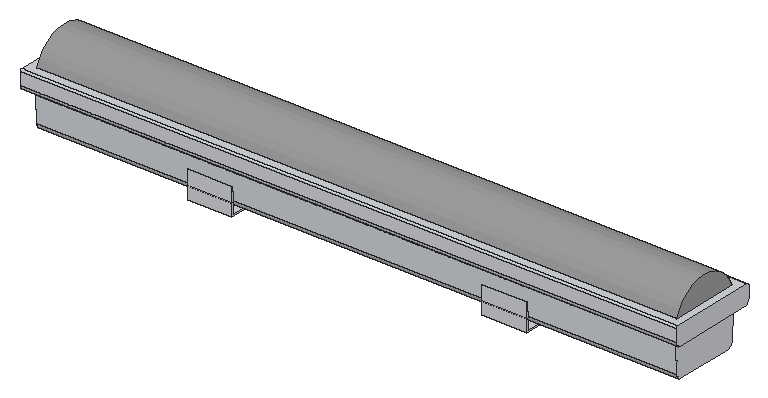
Revit family "0010205", category Lighting Fixtures, host Face, Revit 2017 (continued)
Types (60, lengths in mm): name | Weight | Wattage | TypeName | built-in parameter 1150134 | Photometric Web File | PowerFactor | PowerConsumption | NominalLength | Name | ModelReference | ModelNumber | Model | LuminousEfficacy | built-in parameter 1150105 | Lumens | LampNominalLuminous | LampMacAdamStep | LampColourTemperature | LENGHT_SYL | LENGHT_CHAMFER_SYL | LENGHT-_SYL | LENGHT-_CHAMFER_SYL | L0650_SYL | L1500_SYL | L1200_SYL | built-in parameter 1150107 | built-in parameter 1150106 | built-in parameter 1150104 | DocumentationLiterature | Description | BRACKET_WIDTH_SYL | BRACKET_DIST_SYL | Apparent Load
  0010215 RESISTO 1200 IP66 4800LM 840 QC | "1.61 kg" | 35 W | "Resisto  1200 IP66 4800lm 840 QC" | 12 | "0010215.ies" | 0.95 | "35 W" | 1212 | "Resisto  1200 IP66 4800lm 840 QC" | "Resisto  1200 IP66 4800lm 840 QC" | "0010215" | "Resisto  1200 IP66 4800lm 840 QC" | "137 lm/W" | 1583.6 (stored number, unit not read) | 4795 lm | "4800 lm" | "5" | "4000 K" | 592 | 600 | -592 | -600 | no | no | yes | 4000 (stored number, unit not read) | 15.836 (stored number, unit not read) | 12.728 (stored number, unit not read) | "http://www.sylvania-lighting.com/product/en-int/products/0010215" | "Resisto, integrated LED weatherproof luminaire, with UV stabilized flat diffuser designed to achieve uniform lit appearance, optimise light output and to reduce glare. 301 stainless steel diffuser clips and fixing brackets for surface mounting. Polycarbonate housing and diffuser - no yellow discolouration over time. 4800lm; 35W; 137lm/W; 4000K; SDCM<5; non dimmable; CRI80; IP66; IK08; Class I; 69,000hrs (L80B20) lifespan; 1200mm x 89mm x 88mm; D-mark; assembled with quick connector." | 400 | 444 | 35 VA
  0010214 RESISTO 1200 IP66 2800LM 840 QC | "1.57 kg" | 21 W | "Resisto  1200 IP66 2800lm 840 QC" | 12 | "0010214.ies" | 0.95 | "21 W" | 1212 | "Resisto  1200 IP66 2800lm 840 QC" | "Resisto  1200 IP66 2800lm 840 QC" | "0010214" | "Resisto  1200 IP66 2800lm 840 QC" | "133 lm/W" | 917.95 (stored number, unit not read) | 2793 lm | "2800 lm" | "5" | "4000 K" | 592 | 600 | -592 | -600 | no | no | yes | 4000 (stored number, unit not read) | 9.1795 (stored number, unit not read) | 12.356 (stored number, unit not read) | "http://www.sylvania-lighting.com/product/en-int/products/0010214" | "Resisto, integrated LED weatherproof luminaire, with UV stabilized flat diffuser designed to achieve uniform lit appearance, optimise light output and to reduce glare. 301 stainless steel diffuser clips and fixing brackets for surface mounting. Polycarbonate housing and diffuser - no yellow discolouration over time. 2800lm; 21W; 133lm/W; 4000K; SDCM<5; non dimmable; CRI80; IP66; IK08; Class I; 69,000hrs (L80B20) lifespan; 1200mm x 89mm x 88mm; D-mark; assembled with quick connector." | 400 | 444 | 21 VA
  0010213 RESISTO 1200 IP66 4800LM 865 | "1.54 kg" | 35 W | "Resisto  1200 IP66 4800lm 865" | 1 | "0010213.ies" | 0.95 | "35 W" | 1200 | "Resisto  1200 IP66 4800lm 865" | "Resisto  1200 IP66 4800lm 865" | "0010213" | "Resisto  1200 IP66 4800lm 865" | "137 lm/W" | 1583.6 (stored number, unit not read) | 4795 lm | "4800 lm" | "5" | "6500 K" | 592 | 600 | -592 | -600 | no | no | yes | 6500 (stored number, unit not read) | 15.836 (stored number, unit not read) | 12.728 (stored number, unit not read) | "http://www.sylvania-lighting.com/product/en-int/products/0010213" | "Resisto, integrated LED weatherproof luminaire, with UV stabilized flat diffuser designed to achieve uniform lit appearance, optimise light output and to reduce glare. 301 stainless steel diffuser clips and fixing brackets for surface mounting. Polycarbonate housing and diffuser - no yellow discolouration over time. 4800lm; 35W; 137lm/W; 6500K; SDCM<5; non dimmable; CRI80; IP66; IK08; Class I; 69,000hrs (L80B20) lifespan; 1200mm x 89mm x 88mm; D-mark." | 400 | 444 | 35 VA
  0010212 RESISTO 1200 IP66 2800LM 865 | "1.5 kg" | 21 W | "Resisto  1200 IP66 2800lm 865" | 1 | "0010212.ies" | 0.95 | "21 W" | 1200 | "Resisto  1200 IP66 2800lm 865" | "Resisto  1200 IP66 2800lm 865" | "0010212" | "Resisto  1200 IP66 2800lm 865" | "133 lm/W" | 917.95 (stored number, unit not read) | 2793 lm | "2800 lm" | "5" | "6500 K" | 592 | 600 | -592 | -600 | no | no | yes | 6500 (stored number, unit not read) | 9.1795 (stored number, unit not read) | 12.356 (stored number, unit not read) | "http://www.sylvania-lighting.com/product/en-int/products/0010212" | "Resisto, integrated LED weatherproof luminaire, with UV stabilized flat diffuser designed to achieve uniform lit appearance, optimise light output and to reduce glare. 301 stainless steel diffuser clips and fixing brackets for surface mounting. Polycarbonate housing and diffuser - no yellow discolouration over time. 2800lm; 21W; 133lm/W; 6500K; SDCM<5; non dimmable; CRI80; IP66; IK08; Class I; 69,000hrs (L80B20) lifespan; 1200mm x 89mm x 88mm; D-mark." | 400 | 444 | 21 VA
  0010211 RESISTO 1200 IP66 4800LM 840 | "11.88 kg" | 35 W | "Resisto  1200 IP66 4800lm 840" | 12 | "0010211.ies" | 0.95 | "35.0 W" | 1200 | "Resisto  1200 IP66 4800lm 840" | "Resisto  1200 IP66 4800lm 840" | "0010211" | "Resisto  1200 IP66 4800lm 840" | "137 lm/W" | -7601417.6 (stored number, unit not read) | 4795 lm | "4800 lm" | "5" | "4000 K" | 592 | 600 | -592 | -600 | no | no | yes | 4000 (stored number, unit not read) | -76014.2 (stored number, unit not read) | 12.728 (stored number, unit not read) | "http://www.sylvania-lighting.com/product/en-int/products/0010211" | "Resisto, integrated LED weatherproof luminaire, with UV stabilized flat diffuser designed to achieve uniform lit appearance, optimise light output and to reduce glare. 301 stainless steel diffuser clips and fixing brackets for surface mounting. Polycarbonate housing and diffuser - no yellow discolouration over time. 4800lm; 35W; 137lm/W; 4000K; SDCM<5; non dimmable; CRI80; IP66; IK08; Class I; 69,000hrs (L80B20) lifespan; 1200mm x 89mm x 88mm; D-mark." | 400 | 444 | 35 VA
  0010210 RESISTO 1200 IP66 2800LM 840 | "11.88 kg" | 21 W | "Resisto  1200 IP66 2800lm 840" | 12 | "0010210.ies" | 0.95 | "21.0 W" | 1200 | "Resisto  1200 IP66 2800lm 840" | "Resisto  1200 IP66 2800lm 840" | "0010210" | "Resisto  1200 IP66 2800lm 840" | "133 lm/W" | -2570258.2 (stored number, unit not read) | 2793 lm | "2800 lm" | "5" | "4000 K" | 592 | 600 | -592 | -600 | no | no | yes | 4000 (stored number, unit not read) | -25702.6 (stored number, unit not read) | 12.356 (stored number, unit not read) | "http://www.sylvania-lighting.com/product/en-int/products/0010210" | "Resisto, integrated LED weatherproof luminaire, with UV stabilized flat diffuser designed to achieve uniform lit appearance, optimise light output and to reduce glare. 301 stainless steel diffuser clips and fixing brackets for surface mounting. Polycarbonate housing and diffuser - no yellow discolouration over time. 2800lm; 21W; 133lm/W; 4000K; SDCM<5; non dimmable; CRI80; IP66; IK08; Class I; 69,000hrs (L80B20) lifespan; 1200mm x 89mm x 88mm; D-mark." | 400 | 444 | 21 VA
  0010209 RESISTO 1200 IP66 4800LM 830 | "1.54 kg" | 35 W | "Resisto  1200 IP66 4800lm 830" | (empty or 0) | "0010209.ies" | 0.95 | "35 W" | 1200 | "Resisto  1200 IP66 4800lm 830" | "Resisto  1200 IP66 4800lm 830" | "0010209" | "Resisto  1200 IP66 4800lm 830" | "137 lm/W" | 1583.6 (stored number, unit not read) | 4795 lm | "4800 lm" | "5" | "3000 K" | 592 | 600 | -592 | -600 | no | no | yes | 3000 (stored number, unit not read) | 15.836 (stored number, unit not read) | 12.728 (stored number, unit not read) | "http://www.sylvania-lighting.com/product/en-int/products/0010209" | "Resisto, integrated LED weatherproof luminaire, with UV stabilized flat diffuser designed to achieve uniform lit appearance, optimise light output and to reduce glare. 301 stainless steel diffuser clips and fixing brackets for surface mounting. Polycarbonate housing and diffuser - no yellow discolouration over time. 4800lm; 35W; 137lm/W; 3000K; SDCM<5; non dimmable; CRI80; IP66; IK08; Class I; 69,000hrs (L80B20) lifespan; 1200mm x 89mm x 88mm; D-mark." | 400 | 444 | 35 VA
  0010208 RESISTO 1200 IP66 2800LM 830 | "1.5 kg" | 21 W | "Resisto  1200 IP66 2800lm 830" | (empty or 0) | "0010208.ies" | 0.95 | "21 W" | 1200 | "Resisto  1200 IP66 2800lm 830" | "Resisto  1200 IP66 2800lm 830" | "0010208" | "Resisto  1200 IP66 2800lm 830" | "133 lm/W" | 917.95 (stored number, unit not read) | 2793 lm | "2800 lm" | "5" | "3000 K" | 592 | 600 | -592 | -600 | no | no | yes | 3000 (stored number, unit not read) | 9.1795 (stored number, unit not read) | 12.356 (stored number, unit not read) | "http://www.sylvania-lighting.com/product/en-int/products/0010208" | "Resisto, integrated LED weatherproof luminaire, with UV stabilized flat diffuser designed to achieve uniform lit appearance, optimise light output and to reduce glare. 301 stainless steel diffuser clips and fixing brackets for surface mounting. Polycarbonate housing and diffuser - no yellow discolouration over time. 2800lm; 21W; 133lm/W; 3000K; SDCM<5; non dimmable; CRI80; IP66; IK08; Class I; 69,000hrs (L80B20) lifespan; 1200mm x 89mm x 88mm; D-mark." | 400 | 444 | 21 VA
  0010207 RESISTO 600 HE IP66 2500LM 840 | "0.96 kg" | 16 W | "Resisto  600 HE IP66 2500lm 840" | 12 | "0010207.ies" | 0.95 | "16 W" | 650 | "Resisto  600 HE IP66 2500lm 840" | "Resisto  600 HE IP66 2500lm 840" | "0010207" | "Resisto  600 HE IP66 2500lm 840" | "156 lm/W" | 829.02 (stored number, unit not read) | 2496 lm | "2500 lm" | "3" | "4000 K" | 317 | 325 | -317 | -325 | yes | no | no | 4000 (stored number, unit not read) | 8.2902 (stored number, unit not read) | 14.493 (stored number, unit not read) | "http://www.sylvania-lighting.com/product/en-int/products/0010207" | "Resisto, integrated LED weatherproof luminaire, with UV stabilized flat diffuser designed to achieve uniform lit appearance, optimise light output and to reduce glare. 301 stainless steel diffuser clips and fixing brackets for surface mounting. Polycarbonate housing and diffuser - no yellow discolouration over time. 2500lm; 16W; 156lm/W; 4000K; SDCM<3; non dimmable; CRI80; IP66; IK08; Class I; 69,000hrs (L80B20) lifespan; 650mm x 89mm x 88mm; D-mark." | 125 | 169 | 16 VA
  0010206 RESISTO 600 HE IP66 1400LM 840 | "0.88 kg" | 10 W | "Resisto  600 HE IP66 1400lm 840" | 12 | "0010206.ies" | 0.9 | "10 W" | 650 | "Resisto  600 HE IP66 1400lm 840" | "Resisto  600 HE IP66 1400lm 840" | "0010206" | "Resisto  600 HE IP66 1400lm 840" | "140 lm/W" | 479.25 (stored number, unit not read) | 1400 lm | "1400 lm" | "3" | "4000 K" | 317 | 325 | -317 | -325 | yes | no | no | 4000 (stored number, unit not read) | 4.7925 (stored number, unit not read) | 13.006 (stored number, unit not read) | "http://www.sylvania-lighting.com/product/en-int/products/0010206" | "Resisto, integrated LED weatherproof luminaire, with UV stabilized flat diffuser designed to achieve uniform lit appearance, optimise light output and to reduce glare. 301 stainless steel diffuser clips and fixing brackets for surface mounting. Polycarbonate housing and diffuser - no yellow discolouration over time. 1400lm; 10W; 140lm/W; 4000K; SDCM<3; non dimmable; CRI80; IP66; IK08; Class I; 69,000hrs (L80B20) lifespan; 650mm x 89mm x 88mm; D-mark." | 125 | 169 | 10 VA
  0010205 RESISTO 600 IP66 2500LM 865 | "0.88 kg" | 19 W | "Resisto  600 IP66 2500lm 865" | 1 | "0010205.ies" | 1 | "19 W" | 650 | "Resisto  600 IP66 2500lm 865" | "Resisto  600 IP66 2500lm 865" | "0010205" | "Resisto  600 IP66 2500lm 865" | "132 lm/W" | 833.01 (stored number, unit not read) | 2508 lm | "2500 lm" | "5" | "6500 K" | 317 | 325 | -317 | -325 | yes | no | no | 6500 (stored number, unit not read) | 8.3301 (stored number, unit not read) | 12.263 (stored number, unit not read) | "http://www.sylvania-lighting.com/product/en-int/products/0010205" | "Resisto, integrated LED weatherproof luminaire, with UV stabilized flat diffuser designed to achieve uniform lit appearance, optimise light output and to reduce glare. 301 stainless steel diffuser clips and fixing brackets for surface mounting. Polycarbonate housing and diffuser - no yellow discolouration over time. 2500lm; 19W; 132lm/W; 6500K; SDCM<5; non dimmable; CRI80; IP66; IK08; Class I; 69,000hrs (L80B20) lifespan; 650mm x 89mm x 88mm; D-mark." | 125 | 169 | 19 VA
  0010204 RESISTO 600 IP66 1600LM 865 | "0.88 kg" | 12 W | "Resisto  600 IP66 1600lm 865" | 1 | "0010204.ies" | 0.9 | "12 W" | 650 | "Resisto  600 IP66 1600lm 865" | "Resisto  600 IP66 1600lm 865" | "0010204" | "Resisto  600 IP66 1600lm 865" | "133 lm/W" | 546.34 (stored number, unit not read) | 1596 lm | "1600 lm" | "5" | "6500 K" | 317 | 325 | -317 | -325 | yes | no | no | 6500 (stored number, unit not read) | 5.4634 (stored number, unit not read) | 12.356 (stored number, unit not read) | "http://www.sylvania-lighting.com/product/en-int/products/0010204" | "Resisto, integrated LED weatherproof luminaire, with UV stabilized flat diffuser designed to achieve uniform lit appearance, optimise light output and to reduce glare. 301 stainless steel diffuser clips and fixing brackets for surface mounting. Polycarbonate housing and diffuser - no yellow discolouration over time. 1600lm; 12W; 133lm/W; 6500K; SDCM<5; non dimmable; CRI80; IP66; IK08; Class I; 69,000hrs (L80B20) lifespan; 650mm x 89mm x 88mm; D-mark." | 125 | 169 | 12 VA
  0010203 RESISTO 600 IP66 2500LM 840 | "10.2 kg" | 19 W | "Resisto  600 IP66 2500lm 840" | 12 | "0010203.ies" | 0.95 | "19.0 W" | 650 | "Resisto  600 IP66 2500lm 840" | "Resisto  600 IP66 2500lm 840" | "0010203" | "Resisto  600 IP66 2500lm 840" | "132 lm/W" | -2082492.7 (stored number, unit not read) | 2508 lm | "2500 lm" | "5" | "4000 K" | 317 | 325 | -317 | -325 | yes | no | no | 4000 (stored number, unit not read) | -20824.9 (stored number, unit not read) | 12.263 (stored number, unit not read) | "http://www.sylvania-lighting.com/product/en-int/products/0010203" | "Resisto, integrated LED weatherproof luminaire, with UV stabilized flat diffuser designed to achieve uniform lit appearance, optimise light output and to reduce glare. 301 stainless steel diffuser clips and fixing brackets for surface mounting. Polycarbonate housing and diffuser - no yellow discolouration over time. 2500lm; 19W; 132lm/W; 4000K; SDCM<5; non dimmable; CRI80; IP66; IK08; Class I; 69,000hrs (L80B20) lifespan; 650mm x 89mm x 88mm; D-mark." | 125 | 169 | 19 VA
  0010202 RESISTO 600 IP66 1600LM 840 | "10.2 kg" | 12 W | "Resisto  600 IP66 1600lm 840" | 12 | "0010202.ies" | 0.9 | "12.0 W" | 650 | "Resisto  600 IP66 1600lm 840" | "Resisto  600 IP66 1600lm 840" | "0010202" | "Resisto  600 IP66 1600lm 840" | "133 lm/W" | -874129.2 (stored number, unit not read) | 1596 lm | "1600 lm" | "5" | "4000 K" | 317 | 325 | -317 | -325 | yes | no | no | 4000 (stored number, unit not read) | -8741.3 (stored number, unit not read) | 12.356 (stored number, unit not read) | "http://www.sylvania-lighting.com/product/en-int/products/0010202" | "Resisto, integrated LED weatherproof luminaire, with UV stabilized flat diffuser designed to achieve uniform lit appearance, optimise light output and to reduce glare. 301 stainless steel diffuser clips and fixing brackets for surface mounting. Polycarbonate housing and diffuser - no yellow discolouration over time. 1600lm; 12W; 133lm/W; 4000K; SDCM<5; non dimmable; CRI80; IP66; IK08; Class I; 69,000hrs (L80B20) lifespan; 650mm x 89mm x 88mm; D-mark." | 125 | 169 | 12 VA
  0010279 RESISTO 1500 HE IP66 DALI 8300LM 840 | "2.01 kg" | 54 W | "Resisto 1500 HE IP66 DALI 8300lm 840" | 12 | "0010279.ies" | 0.99 | "54 W" | 1500 | "Resisto 1500 HE IP66 DALI 8300lm 840" | "Resisto 1500 HE IP66 DALI 8300lm 840" | "0010279" | "Resisto 1500 HE IP66 DALI 8300lm 840" | "154 lm/W" | 2773 (stored number, unit not read) | 8316 lm | "8300 lm" | "3" | "4000 K" | 742 | 750 | -742 | -750 | no | yes | no | 4000 (stored number, unit not read) | 27.73 (stored number, unit not read) | 14.307 (stored number, unit not read) | "http://www.sylvania-lighting.com/product/en-int/products/0010279" | "Resisto, integrated LED weatherproof luminaire, with UV stabilized flat diffuser designed to achieve uniform lit appearance, optimise light output and to reduce glare. 301 stainless steel diffuser clips and fixing brackets for surface mounting. Polycarbonate housing and diffuser - no yellow discolouration over time. 8300lm; 54W; 154lm/W; 4000K; SDCM<3; DALI dimmable; CRI80; IP66; IK08; Class I; 69,000hrs (L80B20) lifespan; 1500mm x 89mm x 88mm; D-mark." | 550 | 594 | 54 VA
